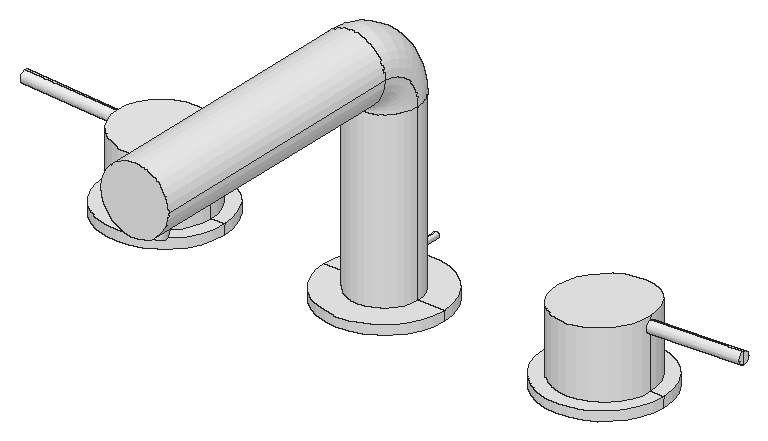
Revit family "Faucet-Bathtub-Grohe-Concetto-20572_Series", category Plumbing Fixtures, Revit 2018
Family settings
  Round Connector Dimension = Use Diameter
  Part Type = Normal
  OmniClass Number = 23.45.55.17
  OmniClass Title = Mixing Faucets
  Work Plane-Based = Yes
  Always vertical = No
  Cut with Voids When Loaded = No
  Shared = Yes
  Room Calculation Point = No
Parameters (values of type "20572001")
  Width [instance] = 8"
  Waste Connection = no
  Warranty Documentation Link = "https://www.grohe.ca/en_ca/our-service/warranty/"
  WFU = 4  # constant formula
  Vent Connection = no
  URL = "https://www.grohe.us/"
  Region = "North America"  # constant formula
  Product Page URL = "https://www.grohe.us/Widespread-Faucets/8-inch-Widespread-2-Handle-S-Size-Bathroom-Faucet-12-GPM/GROHE-CHROME-20572001"
  Price = "Prices may vary. Please consult Manufacturer Representative for most up-to-date price list."  # constant formula
  Model = "20572001"
  Material = "Metal-Grohe-000-StarLightChrome"
  Manufacturer = "Grohe"  # constant formula
  Length = 5 5/16"  # constant formula
  Installation Type = "Deck-Mounted"  # constant formula
  Hot Water Connection Radius = Hot Water Connection Diameter / 2  # 1/4"
  Hot Water Connection Diameter = 1/2"  # constant formula
  Height = 4 11/16"  # constant formula
  HWFU = 3  # constant formula
  HW Connection = yes
  Flow Rate = "1.2 gpm (4.56 L/min)"  # constant formula
  Finish = Metal-Grohe-000-StarLightChrome
  Description = "CONCETTO 8\"  Widespread Two-Handle Bathroom Faucet"
  Default Elevation = 0"
  Creation Date = "7/22/2019"  # constant formula
  Cold Water Connection Radius = Cold Water Connection Diameter / 2  # 1/4"
  Cold Water Connection Diameter = Hot Water Connection Diameter  # 1/2"
  CWFU = 3  # constant formula
  CW Connection = yes
  Assembly Code = "D2020300"
Types (3): name | Model | Material | Finish
  (no name) | "20572001" | "Metal-Grohe-000-StarLightChrome" | Metal-Grohe-000-StarLightChrome
  20572001 | "20572001" | "Metal-Grohe-000-StarLightChrome" | Metal-Grohe-000-StarLightChrome
  20572EN1 | "20572EN1" | "Metal-Grohe-EN1-Brushed Nickel" | Metal-Grohe-EN1-Brushed Nickel
Reference planes (in)
  plane 1 "Center (Front/Back)": y = 0
  plane 2: z = 0
  plane 3 "Center (Left/Right)": x = 0
  plane 4: y = -5.3125
  plane 5: x = -4
  plane 6: x = 4
  plane 7: z = 4.6875
  plane 8: through (0, -4.5, 5.625) normal (0, -0.9397, 0.342)
  plane 9: z = 3.375
  plane 10: x = -1.09375
  plane 11: x = 1.09375
  plane 12: x = -5.09375
  plane 13: x = -2.90625
  plane 14: x = -6.54449
  plane 15: x = 2.90625
  plane 16: x = 5.09375
  plane 17: x = 6.54449
  plane 18: z = 1.52444
Forms (in)
  Revolve 1, solid, material "Metal-Grohe-000-StarLightChrome" <- "Finish"
    sketch origin (0, 0, 0) x (0, 1, 0) y (0, 0, 1)
      loop
        line (0, 0) -> (0.09236, 0) -> (0.09236, 2.58356)
        arc (0.09236, 2.58356) -> (0.24554, 2.86289) -> (0, 3.06588) r 0.25
        line (0, 3.06588) -> (0, 0)
      axis (0, 0) -> (0, 3.06588)
    angle from 0 to 360
  Revolve 2, solid, material "Metal-Grohe-000-StarLightChrome" <- "Finish"
    sketch origin (-0.4375, 0, 0) x (1, 0, 0) y (0, 0, 1)
      loop
        line (-0.65625, 0) -> (0.4375, 0) -> (0.4375, 0.17437) -> (-0.65625, 0.17437) -> (-0.65625, 0)
      axis (0.4375, 0) -> (0.4375, 0.17437)
    angle from 0 to 360
  Revolve 3, solid, material "Metal-Grohe-000-StarLightChrome" <- "Finish"
    sketch origin (-6.5, 0, -0.89434) x (1, 0, 0) y (0, 0, 1)
      loop
        line (2.5, 2.09015) -> (2.5, 2.19372) -> (-0.03482, 2.31233) -> (-0.03482, 2.20876) -> (2.5, 2.09015)
      axis (2.5, 2.09015) -> (-0.03966, 2.20899)
    angle from 0 to 360
  Sweep 4, solid, material "Metal-Grohe-000-StarLightChrome" <- "Finish"
    path origin (0, 0, 0) x (0, 1, 0) y (0, 0, 1)
      loop
        line (-5.67634, 4.07812) -> (-0.75, 4.07812)
        arc (-0.75, 4.07812) -> (-0.21967, 3.85846) -> (0, 3.32812) r 0.75
        line (0, 3.32812) -> (0, 0)
    profile origin (0, 0, 1.66406) x (1, 0, 0) y (0, 1, 0)
      loop
        circle (0, 0) r 0.61313
  Revolve 5, solid, material "Metal-Grohe-000-StarLightChrome" <- "Finish"
    sketch origin (0, 0, -0.00781) x (0, 1, 0) y (0, 0, 1)
      loop
        line (-5.12155, 3.91731) -> (-5.35647, 4.00282) -> (-5.55386, 3.46051) -> (-5.31893, 3.375) -> (-5.12155, 3.91731)
      axis (-5.31893, 3.375) -> (-5.12155, 3.91731)
    angle from 0 to 360
  Revolve 6, solid, material "Metal-Grohe-000-StarLightChrome" <- "Finish"
    sketch origin (-4.4375, 0, 0) x (1, 0, 0) y (0, 0, 1)
      loop
        line (-0.65625, 0) -> (0.4375, 0) -> (0.4375, 1.42437) -> (-0.40625, 1.42437) -> (-0.40625, 0.17437) -> (-0.65625, 0.17437) -> (-0.65625, 0)
      axis (0.4375, 0) -> (0.4375, 1.42437)
    angle from 0 to 360
  Extrusion 7, void
    sketch origin (-0.4375, 0, 0) x (1, 0, 0) y (0, 0, 1)
      loop
        line (-4.65625, 1.38008) -> (-2.46875, 1.26544) -> (-2.46875, 1.52444) -> (-4.65625, 1.52444) -> (-4.65625, 1.38008)
    from -0.93724 to 0.97103
  Revolve 8, solid, material "Metal-Grohe-000-StarLightChrome" <- "Finish"
    sketch origin (0, 0, -0.89434) x (-1, 0, 0) y (0, 0, 1)
      loop
        line (-4, 2.09015) -> (-4, 2.19372) -> (-6.53482, 2.31233) -> (-6.53482, 2.20876) -> (-4, 2.09015)
      axis (-4, 2.09015) -> (-6.53966, 2.20899)
    angle from 0 to 360
  Revolve 9, solid, material "Metal-Grohe-000-StarLightChrome" <- "Finish"
    sketch origin (3.3125, 0, 0) x (-1, 0, 0) y (0, 0, 1)
      loop
        line (-1.78125, 0) -> (-0.6875, 0) -> (-0.6875, 1.42437) -> (-1.53125, 1.42437) -> (-1.53125, 0.17437) -> (-1.78125, 0.17437) -> (-1.78125, 0)
      axis (-0.6875, 0) -> (-0.6875, 1.42437)
    angle from 0 to 360
  Extrusion 10, void
    sketch origin (-0.4375, 0, 0) x (-1, 0, 0) y (0, 0, -1)
      loop
        line (-5.53125, -1.41234) -> (-5.53125, -1.52444) -> (-3.34375, -1.52444) -> (-3.34375, -1.2977) -> (-5.53125, -1.41234)
    from -0.93724 to 0.97103
  Sweep 11, solid, material "Metal-Grohe-000-StarLightChrome" <- "Finish"
    path origin (0, 0.01562, 0.01172) x (0, 1, 0) y (0, 0, 1)
      loop
        line (0.58571, 0) -> (0.66394, 0.44369)
        arc (0.66394, 0.44369) -> (0.6841, 0.47861) -> (0.722, 0.4924) r 0.05895
        line (0.722, 0.4924) -> (1.17253, 0.4924)
    profile origin (0, 0.64045, 0.23356) x (0, -0.984808, 0.173648) y (1, 0, 0)
      loop
        circle (0, 0) r 0.04663
  Extrusion 12, solid
    sketch origin (0, 0, 0) x (1, 0, 0) y (0, 1, 0)
      loop
        circle (-4, 0) r 0.25
      loop
        circle (4, 0) r 0.25
    from 0 to -0.0625
Cuts and joins
  Extrusion 7, Extrusion 10 cuts Revolve 6
  joined: Revolve 2, Revolve 3, Sweep 4, Revolve 5, Revolve 6, Sweep 11
  Extrusion 10 cuts Revolve 9
  joined: Revolve 8, Revolve 9
Lines and regions (in)
  Masking region 1
    outline origin (0, 0, 0) x (1, 0, 0) y (0, 1, 0)
      loop
        line (-5.08876, 0.10432) -> (-6.54449, 0.10432) -> (-6.54449, -0.10347) -> (-5.08885, -0.10347)
        arc (-5.08885, -0.10347) -> (-2.90625, -0.00043) -> (-5.08876, 0.10432) r 1.09375
      loop
        arc (5.08885, 0.10345) -> (2.90625, -0.00036) -> (5.08892, -0.10273) r 1.09375
        line (5.08892, -0.10273) -> (6.54449, -0.10273) -> (6.54449, 0.10345) -> (5.08885, 0.10345)
  Masking region 2
    outline origin (0, 0, 0) x (1, 0, 0) y (0, 1, 0)
      loop
        line (-0.61326, -0.90565) -> (-0.61326, -5.67634) -> (0.613, -5.67634) -> (0.613, -0.90583)
        arc (0.613, -0.90583) -> (1.05231, 0.29821) -> (0.04663, 1.09276) r 1.09375
        line (0.04663, 1.09276) -> (0.04663, 1.18816) -> (-0.04722, 1.18816) -> (-0.04722, 1.09273)
        arc (-0.04722, 1.09273) -> (-1.05235, 0.29808) -> (-0.61326, -0.90565) r 1.09375
  symbolic lines, detail levels medium+fine
    curve 1: line (-0.61326, -0.90565, 0) -> (-0.61326, 0.00031, 0)
    curve 2: line (0.613, -0.90583, 0) -> (0.613, 0.00031, 0)
    curve 3: arc (-0.61326, 0.00031, 0) -> (-0.00013, 0.61344, 0) -> (0.613, 0.00031, 0) r 0.61313
    curve 4: line (-0.04722, 1.09273, 0) -> (-0.04722, 0.61163, 0)
    curve 5: line (0.04663, 1.09276, 0) -> (0.04663, 0.61166, 0)
    curve 6: circle (-4, 0, 0) r 0.84375 normal (0, 0, -1)
    curve 7: circle (4, 0, 0) r 0.84375 normal (0, 0, 1)
    curve 8: line (5.08885, 0.10345, 0) -> (4.83738, 0.10345, 0)
    curve 9: line (5.08892, -0.10273, 0) -> (4.83747, -0.10273, 0)
    curve 10: line (-5.08876, 0.10432, 0) -> (-4.83728, 0.10432, 0)
    curve 11: line (-5.08885, -0.10347, 0) -> (-4.83738, -0.10347, 0)
Dimensions and locks (in)
  "Length": plane 1 "Center (Front/Back)" to plane 4
  "Width": plane 6 to plane 5
  "Height": plane 7 to level
  plane 9 to level = 3 3/8"
  plane 10 to plane 11 = 2 3/16"
  equal spacing: plane 6, plane 3 "Center (Left/Right)", plane 5
  plane 13 to plane 5 to plane 12 = 1 3/32" locked, 1 3/32" locked
  locked: plane 14 to plane 12 at 1.45074
  plane 15 to plane 6 to plane 16 to plane 17 = 1 3/32" locked, 1 3/32" locked, 1.45074" locked
  locked: Extrusion 7 sketch curve to Extrusion 7 sketch curve at 0.25901
  locked: Extrusion 7 sketch curve to Extrusion 7 sketch curve at 0.14436
  locked: Extrusion 10 sketch curve to Extrusion 10 sketch curve at 0.22674
  locked: Extrusion 10 sketch curve to Extrusion 10 sketch curve at 0.1121
  Masking region 1 sketch curve to plane 1 "Center (Front/Back)" to Masking region 1 sketch curve = 0.10347" locked, 0.10432" locked
  "Cold Water Connection Diameter": diameter of Extrusion 12 sketch curve
  "Hot Water Connection Diameter": diameter of Extrusion 12 sketch curve
  angle plane 4 to plane 8 = 20.00°
  aligned and locked: Revolve 1 sketch curve to plane 1 "Center (Front/Back)"
  aligned and locked: plane 3 "Center (Left/Right)" to Revolve 2 sketch curve  (x2)
  aligned and locked: plane 14 to cut or joined group of Revolve 2, Revolve 3, Sweep 4, Revolve 5, Revolve 6, Extrusion 7, Extrusion 10, Sweep 11
  aligned and locked: plane 15 to cut or joined group of Revolve 8, Revolve 9, Extrusion 10
  aligned and locked: plane 16 to cut or joined group of Revolve 8, Revolve 9, Extrusion 10
  aligned and locked: plane 17 to cut or joined group of Revolve 8, Revolve 9, Extrusion 10
  aligned and locked: Extrusion 10 sketch curve to plane 15
  aligned and locked: plane 16 to Extrusion 10 sketch curve
  aligned and locked: Extrusion 7 sketch curve to plane 12
  aligned and locked: plane 13 to Extrusion 7 sketch curve
  aligned and locked: Extrusion 7 sketch curve to plane 18
  aligned and locked: plane 18 to Extrusion 10 sketch curve
  aligned and locked: Masking region 1 sketch curve to cut or joined group of Revolve 2, Revolve 3, Sweep 4, Revolve 5, Revolve 6, Extrusion 7, Extrusion 10, Sweep 11
  aligned and locked: Masking region 1 sketch curve to cut or joined group of Revolve 8, Revolve 9, Extrusion 10
  aligned and locked: Masking region 1 sketch curve to plane 14
  aligned and locked: Masking region 1 sketch curve to plane 17
  aligned and locked: Masking region 2 sketch curve to cut or joined group of Revolve 2, Revolve 3, Sweep 4, Revolve 5, Revolve 6, Extrusion 7, Extrusion 10, Sweep 11  (x2)
  aligned and locked: cut or joined group of Revolve 2, Revolve 3, Sweep 4, Revolve 5, Revolve 6, Extrusion 7, Extrusion 10, Sweep 11 to Masking region 2 sketch curve
  aligned and locked: Masking region 2 to curve 4
  aligned and locked: Masking region 2 to curve 5
  aligned and locked: curve 6 to cut or joined group of Revolve 2, Revolve 3, Sweep 4, Revolve 5, Revolve 6, Extrusion 7, Extrusion 10, Sweep 11
  aligned and locked: curve 7 to cut or joined group of Revolve 8, Revolve 9, Extrusion 10
Automatic sketch dimensions
  Revolve 1 sketch curve to level = 0"
  Revolve 1 sketch curve to plane 1 "Center (Front/Back)" = 0"
  Revolve 1 sketch curve to plane 1 "Center (Front/Back)" = 0.09236"
  Revolve 1 sketch curve to plane 9 = 0.79144"
  Revolve 1 sketch curve to Revolve 1 sketch curve = 0.23231"
  Revolve 1 sketch curve to Revolve 1 sketch curve = 0.04331"
  Revolve 1 sketch curve to Revolve 1 sketch curve = 0.08261"
  Revolve 3 sketch curve to plane 5 = 0"
  Revolve 3 sketch curve to plane 12 = 1.44107"
  level to Revolve 3 sketch curve = 1.19581"
  Revolve 3 sketch curve to Revolve 3 sketch curve = 0.10357"  (x2)
  level to Revolve 3 sketch curve = 1.31442"
  Revolve 3 sketch curve to Revolve 3 sketch curve = 0.03855"
  Revolve 3 sketch curve to Revolve 3 sketch curve = 0.14217"
  Revolve 3 sketch curve to Revolve 3 sketch curve = 0.0018"
  Revolve 3 sketch curve to Revolve 3 sketch curve = 0.00665"
  Sweep 4 sketch curve to level = 0"
  Sweep 4 sketch curve to plane 1 "Center (Front/Back)" = 0"
  Sweep 4 sketch curve to plane 7 = 39/64"
  plane 1 "Center (Front/Back)" to Sweep 4 sketch curve = 3/4"
  plane 4 to Sweep 4 sketch curve = 0.36384"
  Sweep 4 sketch curve to plane 3 "Center (Left/Right)" = 0"
  profile plane to Sweep 4 sketch curve = 0"
  plane 4 to Revolve 5 sketch curve = 0.24136"
  plane 4 to Revolve 5 sketch curve = 0.04397"
  plane 4 to Revolve 5 sketch curve = 0.00643"
  Revolve 5 sketch curve to plane 9 = 1/128"
  plane 9 to Revolve 5 sketch curve = 0.07769"
  Revolve 5 sketch curve to Revolve 5 sketch curve = 0.05525"
  Revolve 5 sketch curve to Revolve 5 sketch curve = 0.04945"
  Revolve 5 sketch curve to Revolve 5 sketch curve = 0.15179"
  Revolve 5 sketch curve to Revolve 5 sketch curve = 0.13588"
  Revolve 6 sketch curve to plane 12 = 0"
  Revolve 6 sketch curve to plane 5 = 0"  (x2)
  Revolve 6 sketch curve to level = 0"
  plane 12 to Revolve 6 sketch curve = 1/4"
  level to Revolve 6 sketch curve = 0.17437"
  Revolve 6 sketch curve to Revolve 6 sketch curve = 1.42437"
  Revolve 6 sketch curve to Revolve 6 sketch curve = 0.2176"
  Revolve 6 sketch curve to Revolve 6 sketch curve = 0.08617"
  plane 6 to Revolve 8 sketch curve = 0"
  plane 6 to Revolve 8 sketch curve = 2.53482"
  Revolve 8 sketch curve to level = 1.19581"
  Revolve 8 sketch curve to Revolve 8 sketch curve = 0.10357"  (x2)
  Revolve 8 sketch curve to level = 1.31442"
  Revolve 8 sketch curve to Revolve 8 sketch curve = 0.03855"
  Revolve 8 sketch curve to level = 1.32288"
  Revolve 8 sketch curve to Revolve 8 sketch curve = 0.14217"
  Revolve 8 sketch curve to Revolve 8 sketch curve = 0.0018"
  Revolve 9 sketch curve to level = 0"
  plane 6 to Revolve 9 sketch curve = 0"  (x2)
  Revolve 9 sketch curve to level = 0.17437"
  plane 6 to Revolve 9 sketch curve = 27/32"
  Revolve 9 sketch curve to Revolve 9 sketch curve = 1/4"
  Revolve 9 sketch curve to Revolve 9 sketch curve = 1.42437"
  Revolve 9 sketch curve to Revolve 9 sketch curve = 0.2176"
  Revolve 9 sketch curve to Revolve 9 sketch curve = 0.08617"
  Revolve 2 sketch curve to level = 0"
  plane 10 to Revolve 2 sketch curve = 0"
  Revolve 2 sketch curve to Revolve 2 sketch curve = 0.17437"
  Revolve 2 sketch curve to Revolve 2 sketch curve = 0.04323"
  Revolve 2 sketch curve to Revolve 2 sketch curve = 0.08617"
  Sweep 11 sketch curve to plane 3 "Center (Left/Right)" = 0"
  Sweep 11 sketch curve to profile plane = 0"
  level to Sweep 11 sketch curve = 3/256"
  Sweep 11 sketch curve to plane 1 "Center (Front/Back)" = 0.67957"
  Sweep 11 sketch curve to Sweep 11 sketch curve = 0.05806"
  level to Sweep 11 sketch curve = 0.44517"
  Sweep 11 sketch curve to Sweep 11 sketch curve = 0.01024"
  Sweep 11 sketch curve to Sweep 11 sketch curve = 0.07823"
  Sweep 11 sketch curve to Sweep 11 sketch curve = 0.45053"
  plane 16 to Masking region 1 sketch curve = 0.00483"
  plane 16 to Masking region 1 sketch curve = 0.0049"
  Masking region 2 sketch curve to Masking region 2 sketch curve = 0"  (x2)
  Masking region 2 sketch curve to plane 3 "Center (Left/Right)" = 0.04722"
  Masking region 2 sketch curve to plane 10 = 0.48049"
  plane 3 "Center (Left/Right)" to Masking region 2 sketch curve = 0.04663"
  plane 11 to Masking region 2 sketch curve = 0.48075"
  Masking region 2 sketch curve to Masking region 2 sketch curve = 0.0954"
  curve 1 to plane 1 "Center (Front/Back)" = 0.00031"
  curve 3 to plane 3 "Center (Left/Right)" = 0.00013"
  curve 10 to plane 1 "Center (Front/Back)" = 0.10432"
  plane 1 "Center (Front/Back)" to curve 11 = 0.10347"
  plane 12 to curve 10 = 0.00499"
  plane 12 to curve 11 = 0.0049"
  curve 8 to plane 1 "Center (Front/Back)" = 0.10345"
  plane 1 "Center (Front/Back)" to curve 9 = 0.10273"
  plane 16 to curve 8 = 0.0049"
  plane 16 to curve 9 = 0.00483"
  plane 1 "Center (Front/Back)" to curve 1 = 0.90565"
  plane 1 "Center (Front/Back)" to curve 2 = 0.90583"
  curve 4 to curve 5 = 0.00003"  (x2)
  curve 4 to curve 4 = 0.4811"
  plane 1 "Center (Front/Back)" to Extrusion 12 sketch curve = 0"  (x2)
  Extrusion 12 sketch curve to plane 5 = 0"
  Extrusion 12 sketch curve to plane 6 = 0"
  radius of Sweep 4 sketch curve = 0.61313"
  radius of Sweep 11 sketch curve = 0.04663"
Connectors (in)
  piping at (4, 0, -0.0625), diameter 0.5, driven by "Cold Water Connection Diameter", driven by "CWFU"
    settings: on Extrusion 12, index 1, connector inside diameter 24", connector length 0", flow factor 0, pipe flow 0 GPM, pressure drop 0.00 psi, fitting loss kfactor 0, connector angle 0.00°, fixture units 3, engagement length 0", angle of deflection 0.00°, flow configuration 3, flow direction 1, fitting loss method 0, system type 20, joint type 0, gender type 0, connector reference index -1, connector utility 0, adjustable connector no, is connector primary yes, connector description "1/2\" Cold Water Inlet Conenctor"
  piping at (-4, 0, -0.0625), diameter 0.5, driven by "Hot Water Connection Diameter", driven by "HWFU"
    settings: on Extrusion 12, index 2, connector inside diameter 24", connector length 0", flow factor 0, pipe flow 0 GPM, pressure drop 0.00 psi, fitting loss kfactor 0, connector angle 0.00°, fixture units 3, engagement length 0", angle of deflection 0.00°, flow configuration 3, flow direction 1, fitting loss method 0, system type 20, joint type 0, gender type 0, connector reference index -1, connector utility 0, adjustable connector no, is connector primary no, connector description "1/2\" Hot Water Inlet Conenctor"
